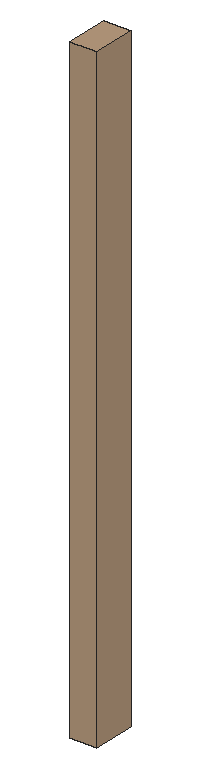
Revit family "Gola_QA_Vertical_Casework_Panel", category Casework, Revit 2025
Family settings
  Work Plane-Based = No
  Always vertical = Yes
  Cut with Voids When Loaded = No
  Shared = No
  Room Calculation Point = No
Parameters (values of type "VD vertical panel")
  Panel Front = 0' - 1.40157"
  Default Elevation = 0' - 0"
Types (4): name | Panel Front
  HC vertical panel | 0' - 0.98425"
  HL vertical panel | 0' - 1.02362"
  VS vertical panel | 0' - 1.40157"
  VD vertical panel | 0' - 1.40157"
Reference planes (in)
  plane 1 "Center (Front/Back)": y = 0
  plane 2: z = 0
  plane 3 "Center (Left/Right)": x = 0
Forms (in)
  Extrusion 1, solid, material "Test cabinet panel - warm wood"
    sketch origin (0, 0, 0) x (0, 1, 0) y (0, 0, 1)
      loop
        line (-3.14961, -15.74803) -> (5.51181, -15.74803) -> (5.51181, 110.23622) -> (-3.14961, 110.23622) -> (-3.14961, -15.74803)
    from -3.93701 to 1.40157 <- "Panel Front"
Dimensions and locks (in)
  aligned and locked: plane 2 to level
